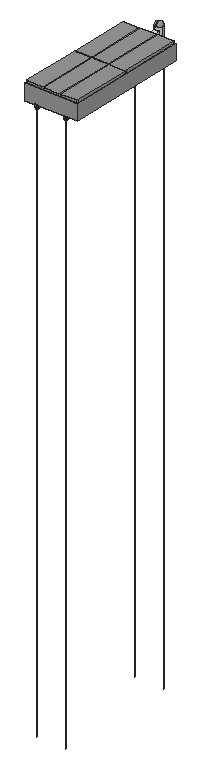
Revit family "62153", category Lighting Fixtures, host Face, Revit 2018
Family settings
  Host = Face
  Round Connector Dimension = Use Diameter
  Part Type = Normal
  OmniClass Number = 23.80.70.00
  OmniClass Title = Lighting
  Cut with Voids When Loaded = No
  Light Source = Yes
  Shared = No
  Room Calculation Point = No
Parameters (values of type "0062153 KUBIXX 4000K 32KLM WIDE SSA")
  Weight = "n/a"
  Wattage Comments = ""
  Wattage = 9.2903 W
  WarrantyStartDate [instance] = "n/a"
  WarrantyGuarantorParts = "n/a"
  WarrantyDurationUnit = "n/a"
  WarrantyDurationParts = ""
  WarrantyDescription = "http://www.sylvania-lighting.com"
  built-in parameter 1150110 = 1 (stored number, unit not read)
  Voltage = 0 V
  URL = "0"
  TypeName = "KubiXx 4000K 32KLM WIDE SSA"
  Type Image = <None>
  Type Comments = "n/a"
  built-in parameter 1114217 = 1 (stored number, unit not read)
  Total Length = 732 mm
  Tilt Angle = -90.00°
  built-in parameter 1150109 = 1 (stored number, unit not read)
  built-in parameter 1150134 = 3
  Suspension height = 3000 mm
  built-in parameter 1150113 = 1 (stored number, unit not read)
  SerialNumber [instance] = "n/a"
  Photometric Web File = "0062153.IES"
  Material_3_SYL = none
  PowerFactor = 0
  PowerConsumption = "Lighting"
  NominalLength = 280 mm
  NominalHeight = 94 mm
  NominalDepth = 650 mm
  Name = "KubiXx 4000K 32KLM WIDE SSA"
  ModelReference = Name  # "KubiXx 4000K 32KLM WIDE SSA"
  ModelNumber = "0062153"
  Model = Name  # "KubiXx 4000K 32KLM WIDE SSA"
  Material = "Feilo Sylvania"
  ManufacturerName = "171 lm/W"
  Manufacturer = ""
  LuminousEfficacy = ""
  built-in parameter 1150105 = 109.82 (stored number, unit not read)
  Lumens = 1380 lm
  LuminaireType = "0"
  built-in parameter 1150115 = 1 (stored number, unit not read)
  LightOutputRatio = "LED"
  built-in parameter 1150137 = (empty or 0)
  built-in parameter 1150139 = (empty or 0)
  LampsType = Lamp  # "n/a"
  LampNominalLuminous = "4000 K"
  LampMacAdamStep = "80"
  LampColourTemperature = "LED"
  LampColourRenderingIndex = "16500"
  built-in parameter 1150112 = 1 (stored number, unit not read)
  built-in parameter 1150114 = 1 (stored number, unit not read)
  Lamp = "n/a"
  Keynote = "n/a"
  InstallationDate [instance] = "n/a"
  InputVoltage = "0"
  InputNominalFrequency = "4000"
  built-in parameter 1150132 = (empty or 0)
  built-in parameter 1150102 = (empty or 0)
  built-in parameter 1150107 = 3200 (stored number, unit not read)
  built-in parameter 1150138 = (empty or 0)
  IngressProtection = "IfcLightFixtureType"
  ImpactProtectionIndex = "IfcLightFixtureType"
  built-in parameter 1150106 = 1.0982 (stored number, unit not read)
  IfcExportType = "IfcLightFixtureType"
  IfcExportAs = "Class I"
  Emit from Circle Diameter = 609.6 mm
  Emit Shape Visible in Rendering = no
  ElectricShockClassification = "171"
  built-in parameter 1150104 = 13.8 (stored number, unit not read)
  DocumentationLiterature = "http://www.sylvania-lighting.com/product/en-int/products/0062153"
  DimmingControlOptions = "n/a"
  Material_2_SYL = none
  Dimming Lamp Color Temperature Shift = <None>
  Description = "Logistics and Industry high bay luminaire with wide optics to provide homogenous light distribution for open space areas. 32200lumens, 188W, 171lm/W, 4000K, CRI80, wide beam optic, SylSmart SSA dimmable, 3 step MacAdam ellipse, grey finish (RAL7012), Class 1, 220-240V, IP65, IK06."
  Default Elevation = 1219.2 mm
  CreatedOn = "09/11/2023"
  CreatedBy = "@sylvania-lighting.com"
  Cost = 0
  Color Filter = 16777215
  built-in parameter 1114216 [instance] = (empty or 0)
  ClassificationValue = "EF_70_80"
  ClassificationName = "Uniclass2015"
  Material_1_SYL = none
  BarCode [instance] = "n/a"
  built-in parameter 1114218 = 1 (stored number, unit not read)
  built-in parameter 1150133 = 10 (stored number, unit not read)
  AssetType = "Fixed"
  AssetIdentifier [instance] = "n/a"
  Assembly Code = "D5020200"
  Apparent Load = 188 VA
  Material_4_SYL = none
Reference planes
  plane 1 "Center (Front/Back)": y = 0
  plane 2: z = 0
  plane 3 "Center (Left/Right)": x = 0
  plane 4: x = -140
  plane 5: x = 140
  plane 6: y = 325
  plane 7: y = -325
  plane 8: y = 160
  plane 9: y = -160
  plane 10: x = -93.6
  plane 11: x = -89.2
  plane 12: x = -2.2
  plane 13: x = 2.2
  plane 14: x = 89.2
  plane 15: x = 93.6
  plane 16: x = 77.2
  plane 17: x = -77.2
  plane 18: x = -87.2
  plane 19: x = -67.2
  plane 20: z = -18
  plane 21: y = 162
  plane 22: z = -8
  plane 23: y = -162
  plane 24: z = 3083
  plane 25: z = 3094
  plane 26: y = 163.5
  plane 27: z = 3000
  plane 28: z = 2982
  plane 29: x = 138.6
  plane 30: x = -138.6
  plane 31: x = 134.2
  plane 32: x = -134.2
  plane 33: x = 47.2
  plane 34: x = -47.2
  plane 35: x = 42.795
  plane 36: x = -42.778
  plane 37: y = -320.6
  plane 38: y = 1
  plane 39: y = -1
  plane 40: z = 3094
  plane 41: y = 407
Forms (mm)
  Extrusion 1, solid, material "Aluminum", detail levels medium+fine
    sketch origin (0, 0, 0) x (1, 0, 0) y (0, 1, 0)
      loop
        line (-140, 325) -> (-140, -325) -> (140, -325) -> (140, 325) -> (-140, 325)
    from 3000 to 3083
  Extrusion 2, solid, material "Acetal Resin, White", detail levels medium+fine
    sketch origin (91.4, 160.6, 0) x (1, 0, 0) y (0, 1, 0)
      loop
        arc (-220.89, 160) -> (-224.425, 158.536) -> (-225.89, 155) r 5
        line (-225.89, 155) -> (-225.89, -154.6)
        arc (-225.89, -154.6) -> (-224.425, -158.136) -> (-220.89, -159.6) r 5
        line (-220.89, -159.6) -> (-143.578, -159.6)
        arc (-143.578, -159.6) -> (-140.042, -158.136) -> (-138.578, -154.6) r 5
        line (-138.578, -154.6) -> (-138.578, 155)
        arc (-138.578, 155) -> (-140.042, 158.536) -> (-143.578, 160) r 5
        line (-143.578, 160) -> (-220.89, 160)
    from 3083 to 3094
  Extrusion 3, solid, material "Acetal Resin, White", detail levels medium+fine
    sketch origin (182.8, 160.6, 0) x (1, 0, 0) y (0, 1, 0)
      loop
        arc (-130.605, 160) -> (-134.141, 158.536) -> (-135.605, 155) r 5
        line (-135.605, 155) -> (-135.605, -154.6)
        arc (-135.605, -154.6) -> (-134.141, -158.136) -> (-130.605, -159.6) r 5
        line (-130.605, -159.6) -> (-53.412, -159.6)
        arc (-53.412, -159.6) -> (-49.876, -158.136) -> (-48.412, -154.6) r 5
        line (-48.412, -154.6) -> (-48.412, 155)
        arc (-48.412, 155) -> (-49.876, 158.536) -> (-53.412, 160) r 5
        line (-53.412, 160) -> (-130.605, 160)
    from 3083 to 3094
  Extrusion 4, solid, material "Aluminum", detail levels fine
    sketch origin (0, 0, 2992) x (1, 0, 0) y (0, 0, 1)
      loop
        line (-87.2, 8) -> (-87.2, 0)
        arc (-87.2, 0) -> (-84.271, -7.071) -> (-77.2, -10) r 10
        arc (-77.2, -10) -> (-70.129, -7.071) -> (-67.2, 0) r 10
        line (-67.2, 0) -> (-67.2, 8) -> (-87.2, 8)
    from -325 to -322
  Extrusion 5, void
    sketch origin (0.086, 0, 2990.692) x (1, 0, 0) y (0, 0, 1)
      loop
        circle (-77.2, 0) r 3
    from -350.589 to 380.147
  Extrusion 6, solid, material "Aluminum", detail levels fine
    sketch origin (154.4, 0, 2992) x (1, 0, 0) y (0, 0, 1)
      loop
        line (-87.2, 8) -> (-87.2, 0)
        arc (-87.2, 0) -> (-84.271, -7.071) -> (-77.2, -10) r 10
        arc (-77.2, -10) -> (-70.129, -7.071) -> (-67.2, 0) r 10
        line (-67.2, 0) -> (-67.2, 8) -> (-87.2, 8)
    from -325 to -322
  Extrusion 7, void
    sketch origin (154.475, 0, 2991.254) x (1, 0, 0) y (0, 0, 1)
      loop
        circle (-77.2, 0) r 3
    from -394.188 to 347.516
  Extrusion 8, solid, material "Aluminum", detail levels fine
    sketch origin (0, 0, 2992) x (1, 0, 0) y (0, 0, 1)
      loop
        line (-87.2, 8) -> (-87.2, 0)
        arc (-87.2, 0) -> (-84.271, -7.071) -> (-77.2, -10) r 10
        arc (-77.2, -10) -> (-70.129, -7.071) -> (-67.2, 0) r 10
        line (-67.2, 0) -> (-67.2, 8) -> (-87.2, 8)
    from 325 to 322
  Extrusion 9, solid, material "Aluminum", detail levels fine
    sketch origin (153.445, 0, 2992) x (1, 0, 0) y (0, 0, 1)
      loop
        line (-86.235, 8) -> (-86.235, 0.111)
        arc (-86.235, 0.111) -> (-83.306, -6.96) -> (-76.235, -9.889) r 10
        arc (-76.235, -9.889) -> (-69.163, -6.96) -> (-66.235, 0.111) r 10
        line (-66.235, 0.111) -> (-66.235, 8) -> (-86.235, 8)
    from 325 to 322
  Extrusion 10, solid, material "Stainless Steel"
    sketch origin (-0.029, 159.919, 0) x (1, 0, 0) y (0, 1, 0)
      loop
        circle (-77.2, 163.5) r 1
    from 0 to 3000
  Extrusion 11, solid, material "Stainless Steel"
    sketch origin (154.4, 159.993, 0) x (1, 0, 0) y (0, 1, 0)
      loop
        circle (-77.2, 163.5) r 1
    from 0 to 3000
  Extrusion 12, solid, material "Stainless Steel"
    sketch origin (0, -327, 0) x (1, 0, 0) y (0, 1, 0)
      loop
        circle (-77.2, 3.5) r 1
    from 0 to 3000
  Extrusion 13, solid, material "Stainless Steel"
    sketch origin (154.386, -327.05, 0) x (1, 0, 0) y (0, 1, 0)
      loop
        circle (-77.2, 3.5) r 1
    from 0 to 3000
  Extrusion 14, solid, detail levels coarse
    sketch origin (0, 0, 0) x (1, 0, 0) y (0, 0, 1)
      loop
        line (-140, 3097.667) -> (-140, 0) -> (140, 0) -> (140, 3097.667) -> (-140, 3097.667)
    from -407 to 325
  Extrusion 15, solid, material "Acetal Resin, White", detail levels medium+fine
    sketch origin (181.395, 160.6, 0) x (1, 0, 0) y (0, 1, 0)
      loop
        arc (-219.21, 160) -> (-222.746, 158.536) -> (-224.21, 155) r 5
        line (-224.21, 155) -> (-224.21, -154.6)
        arc (-224.21, -154.6) -> (-222.746, -158.136) -> (-219.21, -159.6) r 5
        line (-219.21, -159.6) -> (-143.578, -159.6)
        arc (-143.578, -159.6) -> (-140.042, -158.136) -> (-138.578, -154.6) r 5
        line (-138.578, -154.6) -> (-138.578, 155)
        arc (-138.578, 155) -> (-140.042, 158.536) -> (-143.578, 160) r 5
        line (-143.578, 160) -> (-219.21, 160)
    from 3083 to 3094
  Extrusion 16, solid, material "Acetal Resin, White", detail levels medium+fine
    sketch origin (91.4, -160.6, 0) x (1, 0, 0) y (0, 1, 0)
      loop
        arc (-220.89, 159.6) -> (-224.425, 158.136) -> (-225.89, 154.6) r 5
        line (-225.89, 154.6) -> (-225.89, -155)
        arc (-225.89, -155) -> (-224.425, -158.536) -> (-220.89, -160) r 5
        line (-220.89, -160) -> (-143.578, -160)
        arc (-143.578, -160) -> (-140.042, -158.536) -> (-138.578, -155) r 5
        line (-138.578, -155) -> (-138.578, 154.6)
        arc (-138.578, 154.6) -> (-140.042, 158.136) -> (-143.578, 159.6) r 5
        line (-143.578, 159.6) -> (-220.89, 159.6)
    from 3083 to 3094
  Extrusion 17, solid, material "Acetal Resin, White", detail levels medium+fine
    sketch origin (182.8, -160.6, 0) x (1, 0, 0) y (0, 1, 0)
      loop
        arc (-130.605, 159.6) -> (-134.141, 158.136) -> (-135.605, 154.6) r 5
        line (-135.605, 154.6) -> (-135.605, -155)
        arc (-135.605, -155) -> (-134.141, -158.536) -> (-130.605, -160) r 5
        line (-130.605, -160) -> (-53.412, -160)
        arc (-53.412, -160) -> (-49.876, -158.536) -> (-48.412, -155) r 5
        line (-48.412, -155) -> (-48.412, 154.6)
        arc (-48.412, 154.6) -> (-49.876, 158.136) -> (-53.412, 159.6) r 5
        line (-53.412, 159.6) -> (-130.605, 159.6)
    from 3083 to 3094
  Extrusion 18, solid, material "Acetal Resin, White", detail levels medium+fine
    sketch origin (181.395, -160.6, 0) x (1, 0, 0) y (0, 1, 0)
      loop
        arc (-219.21, 159.6) -> (-222.746, 158.136) -> (-224.21, 154.6) r 5
        line (-224.21, 154.6) -> (-224.21, -155)
        arc (-224.21, -155) -> (-222.746, -158.536) -> (-219.21, -160) r 5
        line (-219.21, -160) -> (-143.578, -160)
        arc (-143.578, -160) -> (-140.042, -158.536) -> (-138.578, -155) r 5
        line (-138.578, -155) -> (-138.578, 154.6)
        arc (-138.578, 154.6) -> (-140.042, 158.136) -> (-143.578, 159.6) r 5
        line (-143.578, 159.6) -> (-219.21, 159.6)
    from 3083 to 3094
  Blend 19, solid
    base sketch origin (0, 160.036, -0.067) x (1, 0, 0) y (0, 1, 0)
      loop
        circle (0, 228) r 19
    top sketch origin (0, 160.036, -0.067) x (1, 0, 0) y (0, 1, 0)
      loop
        circle (0, 228) r 19
    from 3039 to 3094
  Revolve 20, solid, material "Acetal Resin, White"
    sketch origin (-0.021, 1684.036, 1219.17) x (0, 1, 0) y (0, 0, 1)
      loop
        line (-1296, 1874.8) -> (-1277, 1874.8)
        arc (-1277, 1874.8) -> (-1282.5, 1888.6) -> (-1296, 1894.8) r 20
        line (-1296, 1894.8) -> (-1296, 1874.8)
      axis (-1296, 1894.8) -> (-1296, 1874.8)
    angle from 179.389 to 539.028
  Extrusion 21, solid
    sketch origin (0, 160.036, -0.067) x (1, 0, 0) y (0, 1, 0)
      loop
        line (-13.5, 214.609) -> (-13.5, 165) -> (13.5, 165) -> (13.5, 214.609) -> (-13.5, 214.609)
    from 3039 to 3083
  Extrusion 22, void
    sketch origin (319, 1684.036, 1219.133) x (0, 1, 0) y (0, 0, 1)
      loop
        line (-1309.391, 1863.8) -> (-1359, 1863.8) -> (-1359, 1843.8) -> (-1333.226, 1843.8) -> (-1309.391, 1863.8)
    from -343.775 to -294
  Blend 23, solid, not visible
    base sketch origin (0, 0, 0) x (1, 0, 0) y (0, 1, 0)
      loop
        circle (0, 228) r 19
    top sketch origin (0, 0, 0) x (1, 0, 0) y (0, 1, 0)
      loop
        circle (0, 228) r 19
    from 3039 to 3094
  Revolve 24, solid, material "Acetal Resin, White", not visible
    sketch origin (-0.021, 1524, 1219.237) x (0, 1, 0) y (0, 0, 1)
      loop
        line (-1296, 1874.8) -> (-1277, 1874.8)
        arc (-1277, 1874.8) -> (-1282.5, 1888.6) -> (-1296, 1894.8) r 20
        line (-1296, 1894.8) -> (-1296, 1874.8)
      axis (-1296, 1894.8) -> (-1296, 1874.8)
    angle from 179.389 to 539.028
  Extrusion 25, solid, not visible
    sketch origin (0, 0, 0) x (1, 0, 0) y (0, 1, 0)
      loop
        line (-13.5, 214.609) -> (-13.5, 165) -> (13.5, 165) -> (13.5, 214.609) -> (-13.5, 214.609)
    from 3039 to 3083
  Extrusion 26, void, not visible
    sketch origin (319, 1524, 1219.2) x (0, 1, 0) y (0, 0, 1)
      loop
        line (-1309.391, 1863.8) -> (-1359, 1863.8) -> (-1359, 1843.8) -> (-1333.226, 1843.8) -> (-1309.391, 1863.8)
    from -343.775 to -294
Cuts and joins
  Extrusion 5 cuts Extrusion 4
  Extrusion 5 cuts Extrusion 8
  Extrusion 7 cuts Extrusion 6
  Extrusion 7 cuts Extrusion 9
  Extrusion 22 cuts Extrusion 21
Dimensions and locks
  "NominalLength": plane 4 to plane 5
  equal spacing: plane 4, plane 3 "Center (Left/Right)", plane 5
  "NominalDepth": plane 6 to plane 7
  equal spacing: plane 6, plane 1 "Center (Front/Back)", plane 7
  Extrusion 3 to plane 3 "Center (Left/Right)" = 47.195 mm
  plane 3 "Center (Left/Right)" to Extrusion 2 = 134.49 mm
  "Suspension height": level to plane 27
  plane 25 to plane 24 = 11 mm
  "NominalHeight": plane 27 to plane 25
  plane 14 to Extrusion 6 = 22 mm
  "Total Length": plane 41 to plane 7
  aligned and locked: plane 2 to host face
  aligned and locked: level to host face
Automatic sketch dimensions
  host sketch curve to host sketch curve = 2438.4 mm  (x2)
  Extrusion 1 sketch curve to plane 4 = 0 mm
  Extrusion 1 sketch curve to plane 5 = 0 mm
  Extrusion 1 sketch curve to plane 7 = 0 mm
  Extrusion 1 sketch curve to plane 6 = 0 mm
  plane 32 to Extrusion 2 sketch curve = 0.29 mm
  Extrusion 2 sketch curve to plane 1 "Center (Front/Back)" = 1 mm
  Extrusion 2 sketch curve to plane 32 = 4.71 mm  (x2)
  plane 34 to Extrusion 2 sketch curve = 4.978 mm  (x2)
  Extrusion 2 sketch curve to plane 34 = 0.022 mm
  plane 33 to Extrusion 3 sketch curve = 0.005 mm
  Extrusion 3 sketch curve to plane 1 "Center (Front/Back)" = 1 mm
  Extrusion 3 sketch curve to plane 33 = 4.995 mm  (x2)
  plane 31 to Extrusion 3 sketch curve = 4.812 mm  (x2)
  Extrusion 3 sketch curve to plane 31 = 0.188 mm
  Extrusion 4 sketch curve to Extrusion 4 sketch curve = 0 mm  (x2)
  Extrusion 4 sketch curve to plane 18 = 0 mm
  Extrusion 4 sketch curve to plane 17 = 0 mm
  Extrusion 4 sketch curve to plane 28 = 0 mm
  Extrusion 4 sketch curve to plane 27 = 0 mm
  plane 17 to Extrusion 5 sketch curve = 0.086 mm
  plane 28 to Extrusion 5 sketch curve = 8.692 mm
  Extrusion 6 sketch curve to Extrusion 6 sketch curve = 0 mm  (x2)
  Extrusion 6 sketch curve to plane 27 = 0 mm
  Extrusion 6 sketch curve to plane 16 = 0 mm
  Extrusion 6 sketch curve to plane 28 = 0 mm
  Extrusion 6 sketch curve to plane 16 = 10 mm
  plane 16 to Extrusion 7 sketch curve = 0.075 mm
  Extrusion 7 sketch curve to plane 27 = 8.746 mm
  Extrusion 8 sketch curve to Extrusion 8 sketch curve = 0 mm  (x2)
  Extrusion 8 sketch curve to plane 18 = 0 mm
  Extrusion 8 sketch curve to plane 17 = 0 mm
  Extrusion 8 sketch curve to plane 28 = 0 mm
  Extrusion 8 sketch curve to plane 27 = 0 mm
  Extrusion 9 sketch curve to Extrusion 9 sketch curve = 0 mm  (x2)
  Extrusion 9 sketch curve to plane 27 = 0 mm
  Extrusion 9 sketch curve to plane 16 = 9.989 mm
  plane 16 to Extrusion 9 sketch curve = 0.011 mm
  Extrusion 9 sketch curve to Extrusion 9 sketch curve = 7.889 mm
  Extrusion 10 sketch curve to plane 17 = 0.029 mm
  Extrusion 10 sketch curve to plane 6 = 1.581 mm
  Extrusion 11 sketch curve to plane 16 = 0 mm
  Extrusion 11 sketch curve to plane 6 = 1.507 mm
  Extrusion 12 sketch curve to plane 17 = 0 mm
  plane 7 to Extrusion 12 sketch curve = 1.5 mm
  Extrusion 13 sketch curve to plane 16 = 0.014 mm
  plane 7 to Extrusion 13 sketch curve = 1.45 mm
  Extrusion 14 sketch curve to level = 0 mm
  Extrusion 14 sketch curve to plane 4 = 0 mm
  Extrusion 14 sketch curve to plane 5 = 0 mm
  plane 25 to Extrusion 14 sketch curve = 3.667 mm
  plane 36 to Extrusion 15 sketch curve = 0.038 mm
  Extrusion 15 sketch curve to plane 1 "Center (Front/Back)" = 1 mm
  Extrusion 15 sketch curve to plane 36 = 4.962 mm  (x2)
  plane 35 to Extrusion 15 sketch curve = 4.978 mm  (x2)
  Extrusion 15 sketch curve to plane 35 = 0.022 mm
  Extrusion 16 sketch curve to plane 37 = 0 mm
  plane 32 to Extrusion 16 sketch curve = 0.29 mm
  Extrusion 16 sketch curve to plane 32 = 4.71 mm  (x2)
  plane 1 "Center (Front/Back)" to Extrusion 16 sketch curve = 1 mm
  plane 34 to Extrusion 16 sketch curve = 4.978 mm  (x2)
  Extrusion 16 sketch curve to plane 34 = 0.022 mm
  Extrusion 17 sketch curve to plane 37 = 0 mm
  plane 33 to Extrusion 17 sketch curve = 0.005 mm
  Extrusion 17 sketch curve to plane 33 = 4.995 mm  (x2)
  plane 1 "Center (Front/Back)" to Extrusion 17 sketch curve = 1 mm
  plane 31 to Extrusion 17 sketch curve = 4.812 mm  (x2)
  Extrusion 17 sketch curve to plane 31 = 0.188 mm
  Extrusion 18 sketch curve to plane 37 = 0 mm
  plane 36 to Extrusion 18 sketch curve = 0.038 mm
  Extrusion 18 sketch curve to plane 36 = 4.962 mm  (x2)
  plane 1 "Center (Front/Back)" to Extrusion 18 sketch curve = 1 mm
  plane 35 to Extrusion 18 sketch curve = 4.978 mm  (x2)
  Extrusion 18 sketch curve to plane 35 = 0.022 mm
  Extrusion 2 sketch curve to plane 6 = 9.4 mm
  Extrusion 3 sketch curve to plane 6 = 9.4 mm
  Extrusion 15 sketch curve to plane 6 = 9.4 mm
  Revolve 20 sketch curve to Revolve 20 sketch curve = 1 mm
  Revolve 20 sketch curve to Revolve 20 sketch curve = 19 mm
  Revolve 20 sketch curve to Revolve 20 sketch curve = 0.025 mm
  Revolve 20 sketch curve to Revolve 20 sketch curve = 0 mm
  Revolve 20 sketch curve to Revolve 20 sketch curve = 8.022 mm
  Revolve 20 sketch curve to Revolve 20 sketch curve = 11.978 mm
  Extrusion 21 sketch curve to Extrusion 21 sketch curve = 27 mm
  Extrusion 21 sketch curve to Extrusion 21 sketch curve = 49.609 mm
  Extrusion 22 sketch curve to Extrusion 22 sketch curve = 25.774 mm
  Extrusion 22 sketch curve to Extrusion 22 sketch curve = 23.835 mm
  Extrusion 22 sketch curve to Extrusion 22 sketch curve = 20 mm
  Revolve 24 sketch curve to Revolve 24 sketch curve = 1 mm
  Revolve 24 sketch curve to Revolve 24 sketch curve = 19 mm
  Revolve 24 sketch curve to Revolve 24 sketch curve = 0.025 mm
  Revolve 24 sketch curve to Revolve 24 sketch curve = 0 mm
  Revolve 24 sketch curve to Revolve 24 sketch curve = 8.022 mm
  Revolve 24 sketch curve to Revolve 24 sketch curve = 11.978 mm
  Extrusion 25 sketch curve to Extrusion 25 sketch curve = 27 mm
  Extrusion 25 sketch curve to Extrusion 25 sketch curve = 49.609 mm
  Extrusion 26 sketch curve to Extrusion 26 sketch curve = 25.774 mm
  Extrusion 26 sketch curve to Extrusion 26 sketch curve = 23.835 mm
  Extrusion 26 sketch curve to Extrusion 26 sketch curve = 20 mm
  Blend 19 sketch curve to plane 3 "Center (Left/Right)" = 0 mm  (x2)
  Blend 19 sketch curve to plane 41 = 18.964 mm  (x2)
  Revolve 20 sketch curve to plane 25 = 0.005 mm
  Revolve 20 sketch curve to plane 41 = 19.964 mm
  plane 6 to Extrusion 21 sketch curve = 0.036 mm
  Extrusion 21 sketch curve to plane 12 = 11.3 mm
  plane 6 to Extrusion 22 sketch curve = 0.036 mm
  Extrusion 22 sketch curve to plane 24 = 20.067 mm
  radius of Extrusion 5 sketch curve = 3 mm
  radius of Extrusion 7 sketch curve = 3 mm
  radius of Extrusion 10 sketch curve = 1 mm
  radius of Extrusion 11 sketch curve = 1 mm
  radius of Extrusion 12 sketch curve = 1 mm
  radius of Extrusion 13 sketch curve = 1 mm
  radius of Blend 19 sketch curve = 19 mm  (x2)
  radius of Blend 23 sketch curve = 19 mm  (x2)
Connectors
  electrical at (0, 0, 3000)
    settings: on Extrusion 1, index 1, voltage 0 V, apparent load 0 VA, apparent load phase1 0 VA, apparent load phase2 0 VA, apparent load phase3 0 VA, power factor 1, load classification "Other", number of poles 1, system type 31, power factor state 1, is connector primary yes, connector utility no, sub classification motor no, connector description ""
